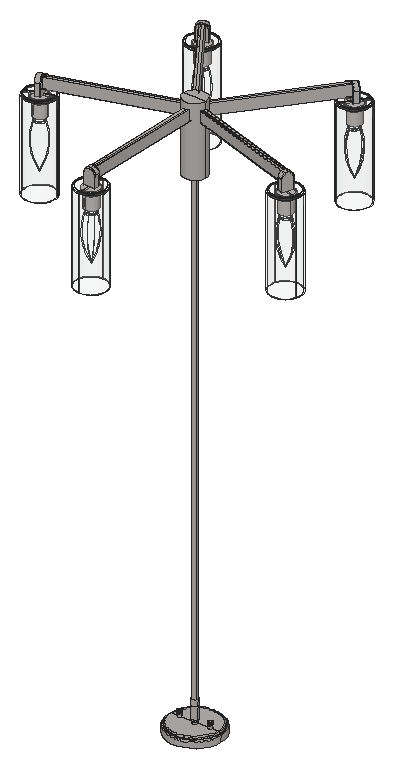
Revit family "Light_Fixture-Chandelier-KOHLER-Crue-K-35878", category Lighting Fixtures, host Face, Revit 2024 (continued)
Definition of nested family "K-35878"
  Lines and regions (in)
    symbolic lines, detail levels medium+fine
      curve 238: line (-1.53288, -0.05927, 0) -> (-1.55648, -0.08101, 0)
      curve 239: line (-1.50987, -0.10059, 0) -> (-1.54137, -0.10832, 0)
      curve 240: arc (-1.55648, -0.08101, 0) -> (-1.54947, -0.09497, 0) -> (-1.54137, -0.10832, 0) r 0.19634
      curve 241: line (-1.54332, -0.01314, 0) -> (-1.57209, -0.02735, 0)
      curve 242: line (-1.53288, -0.05927, 0) -> (-1.56528, -0.05781, 0)
      curve 243: arc (-1.57209, -0.02735, 0) -> (-1.56929, -0.04272, 0) -> (-1.56528, -0.05781, 0) r 0.19634
      curve 244: line (-1.54034, 0.03407, 0) -> (-1.57194, 0.02854, 0)
      curve 245: line (-1.54332, -0.01314, 0) -> (-1.574, -0.00261, 0)
      curve 246: arc (-1.57194, 0.02854, 0) -> (-1.57359, 0.013, 0) -> (-1.574, -0.00261, 0) r 0.19634
      curve 247: line (-1.52418, 0.07852, 0) -> (-1.55606, 0.08211, 0)
      curve 248: line (-1.54034, 0.03407, 0) -> (-1.56681, 0.05281, 0)
      curve 249: arc (-1.55606, 0.08211, 0) -> (-1.56202, 0.06768, 0) -> (-1.56681, 0.05281, 0) r 0.19634
      curve 250: line (-1.49615, 0.11661, 0) -> (-1.52573, 0.12905, 0)
      curve 251: line (-1.52418, 0.07852, 0) -> (-1.54429, 0.10396, 0)
      curve 252: arc (-1.52573, 0.12905, 0) -> (-1.53551, 0.11687, 0) -> (-1.54429, 0.10396, 0) r 0.19634
      curve 253: line (-1.45852, 0.14527, 0) -> (-1.4834, 0.16554, 0)
      curve 254: line (-1.49615, 0.11661, 0) -> (-1.50828, 0.14669, 0)
      curve 255: arc (-1.4834, 0.16554, 0) -> (-1.49621, 0.15661, 0) -> (-1.50828, 0.14669, 0) r 0.19634
      curve 256: line (1.41434, 0.16217, 0) -> (1.4325, 0.18862, 0)
      curve 257: line (1.45852, 0.14527, 0) -> (1.46169, 0.17755, 0)
      curve 258: arc (1.4325, 0.18862, 0) -> (1.44732, 0.18367, 0) -> (1.46169, 0.17755, 0) r 0.19634
      curve 259: line (1.3672, 0.16593, 0) -> (1.37717, 0.19643, 0)
      curve 260: line (1.41434, 0.16217, 0) -> (1.40829, 0.19403, 0)
      curve 261: arc (1.37717, 0.19643, 0) -> (1.39278, 0.19585, 0) -> (1.40829, 0.19403, 0) r 0.19634
      curve 262: line (1.3209, 0.15626, 0) -> (1.32187, 0.18833, 0)
      curve 263: line (1.3672, 0.16593, 0) -> (1.35241, 0.1948, 0)
      curve 264: arc (1.32187, 0.18833, 0) -> (1.33701, 0.19217, 0) -> (1.35241, 0.1948, 0) r 0.19634
      curve 265: line (1.2792, 0.13394, 0) -> (1.2711, 0.16499, 0)
      curve 266: line (1.3209, 0.15626, 0) -> (1.29858, 0.17979, 0)
      curve 267: arc (1.2711, 0.16499, 0) -> (1.28454, 0.17294, 0) -> (1.29858, 0.17979, 0) r 0.19634
      curve 268: line (1.24548, 0.10077, 0) -> (1.22896, 0.12828, 0)
      curve 269: line (1.2792, 0.13394, 0) -> (1.25115, 0.15023, 0)
      curve 270: arc (1.22896, 0.12828, 0) -> (1.23962, 0.1397, 0) -> (1.25115, 0.15023, 0) r 0.19634
      curve 271: line (1.22247, 0.05945, 0) -> (1.19887, 0.08119, 0)
      curve 272: line (1.24548, 0.10077, 0) -> (1.21398, 0.1085, 0)
      curve 273: arc (1.19887, 0.08119, 0) -> (1.20588, 0.09515, 0) -> (1.21398, 0.1085, 0) r 0.19634
      curve 274: line (1.21203, 0.01332, 0) -> (1.18326, 0.02753, 0)
      curve 275: line (1.22247, 0.05945, 0) -> (1.19007, 0.05799, 0)
      curve 276: arc (1.18326, 0.02753, 0) -> (1.18606, 0.0429, 0) -> (1.19007, 0.05799, 0) r 0.19634
      curve 277: line (1.21501, -0.03388, 0) -> (1.18341, -0.02835, 0)
      curve 278: line (1.21203, 0.01332, 0) -> (1.18135, 0.00279, 0)
      curve 279: arc (1.18341, -0.02835, 0) -> (1.18176, -0.01282, 0) -> (1.18135, 0.00279, 0) r 0.19634
      curve 280: line (1.23117, -0.07834, 0) -> (1.19929, -0.08193, 0)
      curve 281: line (1.21501, -0.03388, 0) -> (1.18854, -0.05263, 0)
      curve 282: arc (1.19929, -0.08193, 0) -> (1.19333, -0.06749, 0) -> (1.18854, -0.05263, 0) r 0.19634
      curve 283: line (1.2592, -0.11643, 0) -> (1.22962, -0.12887, 0)
      curve 284: line (1.23117, -0.07834, 0) -> (1.21106, -0.10378, 0)
      curve 285: arc (1.22962, -0.12887, 0) -> (1.21984, -0.11669, 0) -> (1.21106, -0.10378, 0) r 0.19634
      curve 286: line (1.29683, -0.14509, 0) -> (1.27195, -0.16536, 0)
      curve 287: line (1.2592, -0.11643, 0) -> (1.24707, -0.14651, 0)
      curve 288: arc (1.27195, -0.16536, 0) -> (1.25914, -0.15643, 0) -> (1.24707, -0.14651, 0) r 0.19634
      curve 289: line (1.34101, -0.16199, 0) -> (1.32285, -0.18844, 0)
      curve 290: line (1.29683, -0.14509, 0) -> (1.29366, -0.17737, 0)
      curve 291: arc (1.32285, -0.18844, 0) -> (1.30803, -0.18348, 0) -> (1.29366, -0.17737, 0) r 0.19634
      curve 292: line (1.38815, -0.16575, 0) -> (1.37818, -0.19625, 0)
      curve 293: line (1.34101, -0.16199, 0) -> (1.34706, -0.19385, 0)
      curve 294: arc (1.37818, -0.19625, 0) -> (1.36257, -0.19567, 0) -> (1.34706, -0.19385, 0) r 0.19634
      curve 295: line (1.43445, -0.15608, 0) -> (1.43348, -0.18815, 0)
      curve 296: line (1.38815, -0.16575, 0) -> (1.40294, -0.19462, 0)
      curve 297: arc (1.43348, -0.18815, 0) -> (1.41834, -0.19199, 0) -> (1.40294, -0.19462, 0) r 0.19634
      curve 298: line (1.47615, -0.13376, 0) -> (1.48425, -0.16481, 0)
      curve 299: line (1.43445, -0.15608, 0) -> (1.45677, -0.17961, 0)
      curve 300: arc (1.48425, -0.16481, 0) -> (1.47081, -0.17276, 0) -> (1.45677, -0.17961, 0) r 0.19634
      curve 301: line (1.50987, -0.10059, 0) -> (1.52639, -0.1281, 0)
      curve 302: line (1.47615, -0.13376, 0) -> (1.5042, -0.15005, 0)
      curve 303: arc (1.52639, -0.1281, 0) -> (1.51573, -0.13952, 0) -> (1.5042, -0.15005, 0) r 0.19634
      curve 304: line (1.53288, -0.05927, 0) -> (1.55648, -0.08101, 0)
      curve 305: line (1.50987, -0.10059, 0) -> (1.54137, -0.10832, 0)
      curve 306: arc (1.55648, -0.08101, 0) -> (1.54947, -0.09497, 0) -> (1.54137, -0.10832, 0) r 0.19634
      curve 307: line (1.54332, -0.01314, 0) -> (1.57209, -0.02735, 0)
      curve 308: line (1.53288, -0.05927, 0) -> (1.56528, -0.05781, 0)
      curve 309: arc (1.57209, -0.02735, 0) -> (1.56929, -0.04272, 0) -> (1.56528, -0.05781, 0) r 0.19634
      curve 310: line (1.54034, 0.03407, 0) -> (1.57194, 0.02854, 0)
      curve 311: line (1.54332, -0.01314, 0) -> (1.574, -0.00261, 0)
      curve 312: arc (1.57194, 0.02854, 0) -> (1.57359, 0.013, 0) -> (1.574, -0.00261, 0) r 0.19634
      curve 313: line (1.52418, 0.07852, 0) -> (1.55606, 0.08211, 0)
      curve 314: line (1.54034, 0.03407, 0) -> (1.56681, 0.05281, 0)
      curve 315: arc (1.55606, 0.08211, 0) -> (1.56202, 0.06768, 0) -> (1.56681, 0.05281, 0) r 0.19634
      curve 316: line (1.49615, 0.11661, 0) -> (1.52573, 0.12905, 0)
      curve 317: line (1.52418, 0.07852, 0) -> (1.54429, 0.10396, 0)
      curve 318: arc (1.52573, 0.12905, 0) -> (1.53551, 0.11687, 0) -> (1.54429, 0.10396, 0) r 0.19634
      curve 319: line (1.45852, 0.14527, 0) -> (1.4834, 0.16554, 0)
      curve 320: line (1.49615, 0.11661, 0) -> (1.50828, 0.14669, 0)
      curve 321: arc (1.4834, 0.16554, 0) -> (1.49621, 0.15661, 0) -> (1.50828, 0.14669, 0) r 0.19634
      curve 322: line (-0.99731, 0, 48.87795) -> (0.99731, 0, 48.87795)
      curve 323: arc (0.66847, 0, 49.30142) -> (0.65685, 0, 49.30623) -> (0.65204, 0, 49.31785) r 0.01643
      curve 324: arc (0.66847, 0, 50.34187) -> (0.65685, 0, 50.33705) -> (0.65204, 0, 50.32543) r 0.01643
      curve 325: line (-0.66102, 0, 50.33226) -> (-0.66102, 0, 49.31102)
      curve 326: line (-1.00036, 0, 49.31102) -> (-0.66102, 0, 49.31102)
      curve 327: line (-1.00036, 0, 50.33226) -> (-0.66102, 0, 50.33226)
      curve 328: line (-0.96963, 0, 50.34187) -> (-0.66847, 0, 50.34187)
      curve 329: arc (-1.00036, 0, 50.33226) -> (-0.98573, 0, 50.33941) -> (-0.96963, 0, 50.34187) r 0.05398
      curve 330: line (-0.65204, 0, 50.32543) -> (-0.65204, 0, 49.31785)
      curve 331: line (-0.96963, 0, 49.30142) -> (-0.66847, 0, 49.30142)
      curve 332: arc (-1.00036, 0, 49.31102) -> (-0.98573, 0, 49.30388) -> (-0.96963, 0, 49.30142) r 0.05398
      curve 333: arc (-0.66847, 0, 50.34187) -> (-0.65685, 0, 50.33705) -> (-0.65204, 0, 50.32543) r 0.01643
      curve 334: arc (-0.65204, 0, 49.31785) -> (-0.65685, 0, 49.30623) -> (-0.66847, 0, 49.30142) r 0.01643
      curve 335: arc (-0.54958, 0, 49.91287) -> (-0.02932, 0, 50.43313) -> (0.49094, 0, 49.91287) r 0.52026
      curve 336: line (0.49094, 0, 48.87795) -> (0.49094, 0, 49.91287)
      curve 337: line (-0.54958, 0, 49.91287) -> (-0.54958, 0, 48.87795)
  Dimensions and locks (in)
    plane 6 to plane 5 = 4.72441"
    plane 7 to plane 8 = 4.72441"
    level to plane 12 to plane 4 "Light Source Elevation" = 50.84646", 0"
    plane 14 to plane 13 = 8.07087"
    plane 15 to plane 16 = 2.75591"
    plane 9 to level = 44.57134"
    aligned and locked: level to plane 2
Definition of nested family "Light_Point_Source"
  Parameters (values of type "Light_Point_Source")
    Wattage = 60 W
    built-in parameter 1150110 = 1 (stored number, unit not read)
    built-in parameter 1114217 = 1 (stored number, unit not read)
    built-in parameter 1150109 = 1 (stored number, unit not read)
    built-in parameter 1150134 = 1
    built-in parameter 1150113 = 1 (stored number, unit not read)
    built-in parameter 1150105 = 95.493 (stored number, unit not read)
    Lumens = 1200 lm
    built-in parameter 1150115 = 1 (stored number, unit not read)
    Light Source Symbol Size = 2 1/2"
    built-in parameter 1150137 = (empty or 0)
    built-in parameter 1150139 = (empty or 0)
    built-in parameter 1150112 = 1 (stored number, unit not read)
    built-in parameter 1150114 = 1 (stored number, unit not read)
    Lamp = "2*E12 Type T Max"
    built-in parameter 1150132 = (empty or 0)
    built-in parameter 1150102 = (empty or 0)
    built-in parameter 1150107 = 6500 (stored number, unit not read)
    built-in parameter 1150138 = (empty or 0)
    built-in parameter 1150106 = 0.95493 (stored number, unit not read)
    Emit from Line Length = 2 127/128"
    built-in parameter 1150104 = 1.8581 (stored number, unit not read)
    Dimming Lamp Color Temperature Shift = 1
    Default Elevation = 48"
    Color Filter = 16777215
    built-in parameter 1114218 = 1 (stored number, unit not read)
    built-in parameter 1150133 = 10 (stored number, unit not read)
    Apparent Load = 0 VA
  Reference planes (in)
    plane 1 "Center (Front/Back)": y = 0
    plane 2: z = 0
    plane 3 "Center (Left/Right)": x = 0
    plane 4: x = 0
    plane 5: z = 0
    plane 6: z = 0
    plane 7: x = 0
    plane 8: x = 0
    plane 9: y = 0
    plane 10: x = 0
    plane 11: y = 0
    plane 12: z = 0
    plane 13: y = 1.5
    plane 14: y = -1.5
  Dimensions and locks (in)
    aligned and locked: plane 2 to level
Types (6): name | Type | Model | Finish
  (no name) | 5 | "K-35878-CH05-TTL" | KOHLER-Metal-TTL-Titanium
  2GL-Brushed Modern Brass | 1 | "K-35878-CH05-2GL" | KOHLER-Metal-2GL-Brushed_Modern_Brass
  BLL-Matte Black | 2 | "K-35878-CH05-BLL" | KOHLER-Metal-BLL-Matte_Black
  BNL-Brushed Nickel | 3 | "K-35878-CH05-BNL" | KOHLER-Metal-BNL-Brushed_Nickel
  CPL-Polished Chrome | 4 | "K-35878-CH05-CPL" | KOHLER-Metal-CPL-Polished_Chrome
  TTL-Titanium | 5 | "K-35878-CH05-TTL" | KOHLER-Metal-TTL-Titanium
